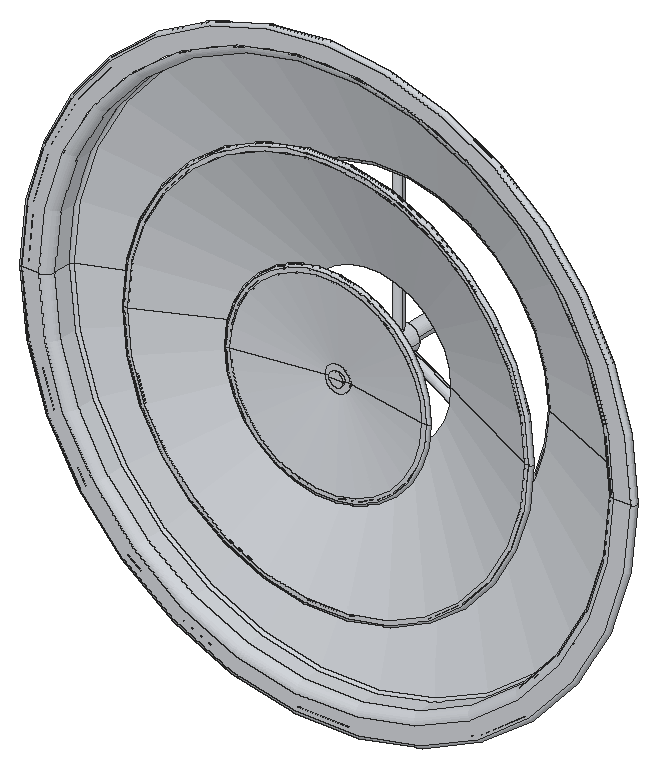
Revit family "04401_DRA", category Air Terminals, Revit 2012
Parameters (values of type "DRA")
  VisibleTexto = or(not(and(Diametro_Cuello > 5, Diametro_Cuello < 15)), not(or(Diametro_Cuello = 6, Diametro_Cuello = 8, Diametro_Cuello = 10, Diametro_Cuello = 12, Diametro_Cuello = 14)))  # no
  URL = "https://www.innes.com.mx"
  Type Comments = "Difusor Arquitectónico"
  Tipo de Cuello = "Redondo"
  Posición de Instalación = "Techo"
  Nota1 = if(Diametro_Cuello < 6, " Tamaño no disponible, mínimo 6 in", if(Diametro_Cuello > 14, " Tamaño no disponible, máximo 14 in ", if(not(or(Diametro_Cuello = 6, Diametro_Cuello = 8, Diametro_Cuello = 10, Diametro_Cuello = 12, Diametro_Cuello = 14)), "Tamaño no Válido. Sólo incrementos de 2 in", ".")))  # "."
  Model = "DRA"
  Material del Difusor = "Aluminio"
  Manufacturer = "INNES"
  Keynote = ""
  Incrementos de Cuello = "de 2\""
  Diametro_Cuello = 12
  Description = "Difusor Redondo"
  Función = "Inyección"
  CuelloReal = if(or(Diametro_Cuello < 6, Diametro_Cuello = 6), 5.8750", if(or(and(Diametro_Cuello > 6, Diametro_Cuello < 8), Diametro_Cuello = 8), 7.8750", if(or(and(Diametro_Cuello > 8, Diametro_Cuello < 10), Diametro_Cuello = 10), 9.8750", if(or(and(Diametro_Cuello > 10, Diametro_Cuello < 12), Diametro_Cuello = 12), 11.8750", if(or(and(Diametro_Cuello > 12, Diametro_Cuello < 14), Diametro_Cuello = 14), 13.8750", 5.8750")))))  # 11.8750"
  Cuello Mín-Máx. = "6\" a 14\""
  Conect = CuelloReal / 2  # 5.9375"
Reference planes (in)
  plane 1 "Center (Front/Back)": y = 1.25
  plane 2: z = 0
  plane 3 "Center (Left/Right)": x = 0
Nested families (in)
  nested 1: "Texto" at (10.37505, -63.42567, 0), type "texto"
    with Visible_Texto no
  nested 2: "DRA" at (3.32611, -2.07611, 0), type "DRA"
    with var 1.7500", Modelo 12, Eje 5.9015", CAberturaPlafon 21.1250", BPlato 23.2500", AlturaD 5.2500", ACuello 11.8750"
Connectors (in)
  hvac at (0, 6.5, 0), driven by "Conect"
    settings: on nested 2, index 1, duct flow 0.0 L/s, flow factor 0, pres drop 0.0 Pa, loss coef 0, conn angle 0.00°, conn width 304.8 mm, conn height 304.8 mm, conn radius 150.813 mm, duct sys type 1, conn prof type 0, flow config 0, flow direction 0, loss method 0, conn ref index -1, conn util no, is conn primary yes, conn desc ""
Definition of nested family "DRA"
  Parameters (values of type "Modelo 14")
    var = if(Modelo = 6, 0.5000", if(or(Modelo = 8, Modelo = 10), 1.0000", if(Modelo = 12, 1.7500", if(Modelo = 14, 2.0000", 4.0000"))))  # 2.0000"
    Modelo = 14
    GL = 0.0370" + ((ACuello - ACuello) + (AlturaD - AlturaD))  # 0.0370"
    Eje = (ACuello / 2) - 0.0360"  # 6.9015"
    CAberturaPlafon = (BPlato - 2.1250") + (ACuello - ACuello)  # 23.8750"
    BPlato = if(Modelo = 6, 13.0000", if(Modelo = 8, 16.7500", if(Modelo = 10, 19.2500", if(Modelo = 12, 23.2500", if(Modelo = 14, 26.0000", 13.0000")))))  # 26.0000"
    AlturaD = if(Modelo = 6, 4.0000", if(or(Modelo = 8, Modelo = 10), 4.5000", if(Modelo = 12, 5.2500", if(Modelo = 14, 5.5000", 4.0000"))))  # 5.5000"
    ACuello = if(Modelo = 6, 5.8750", if(Modelo = 8, 7.8750", if(Modelo = 10, 9.8750", if(Modelo = 12, 11.8750", if(Modelo = 14, 13.8750", 5.8750")))))  # 13.8750"
  Types (6): name | var | Modelo | Eje | CAberturaPlafon | BPlato | AlturaD | ACuello
    (no name) | 2.0000" | 14 | 6.9015" | 23.8750" | 26.0000" | 5.5000" | 13.8750"
    Modelo 12 | 1.7500" | 12 | 5.9015" | 21.1250" | 23.2500" | 5.2500" | 11.8750"
    Modelo 10 | 1.0000" | 10 | 4.9015" | 17.1250" | 19.2500" | 4.5000" | 9.8750"
    Modelo 08 | 1.0000" | 8 | 3.9015" | 14.6250" | 16.7500" | 4.5000" | 7.8750"
    Modelo 06 | 0.5000" | 6 | 2.9015" | 10.8750" | 13.0000" | 4.0000" | 5.8750"
    Modelo 14 | 2.0000" | 14 | 6.9015" | 23.8750" | 26.0000" | 5.5000" | 13.8750"
  Reference planes (in)
    plane 1 "Center (Front/Back)": x = -3.32611
    plane 2: z = 0
    plane 3 "Center (Left/Right)": y = 3.32611
    plane 4: x = -15.26361
    plane 5: x = 8.61139
    plane 6: x = -16.32611
    plane 7: x = 9.67389
    plane 8: x = -6.79486
    plane 9: x = -11.99278
    plane 10: x = -11.74278
    plane 11: x = -7.40944
    plane 12: x = -10.26361
    plane 13: x = 3.61139
    plane 14: x = -7.65944
    plane 15: y = 5.55874
    plane 16: y = 3.89622
    plane 17: y = 4.32884
    plane 18: y = 6.55874
    plane 19: y = 7.05627
    plane 20: y = 6.41544
    plane 21: y = 8.82611
  Forms (in)
    Revolve 1, solid
      sketch origin (-3.32611, 3.32611, 0) x (0, 1, 0) y (-1, 0, 0)
        loop
          line (5.73016, 0) -> (5.73016, 0.31) -> (3.73016, 0.31) -> (3.73016, 0.54013) -> (3.08934, 0.54013) -> (3.08934, 0.31) -> (2.33934, 0.31) -> (2.33934, 0.60435) -> (2.22905, 0.60435) -> (2.22905, 0.49962) -> (0.57011, 0.49962) -> (0.037, 4.08654) -> (0.037, 4.25474)
          arc (0.037, 4.25474) -> (0.11971, 4.28555) -> (0.07731, 4.20814) r 0.04709
          line (0.07731, 4.20814) -> (0.07731, 4.1663)
          arc (0.07731, 4.1663) -> (0.14498, 4.30655) -> (0, 4.2497) r 0.08364
          line (0, 4.2497) -> (0, 4.08333) -> (0.53351, 0.49362) -> (0.53351, 0.26969) -> (0.46964, 0.26969) -> (0.46964, 0) -> (5.73016, 0)
        loop
          line (0, 8.41667) -> (2.1923, 3.46875) -> (2.23263, 3.46875) -> (0.03516, 8.42902) -> (0.03516, 8.579)
          arc (0.03516, 8.579) -> (0.13418, 8.61178) -> (0.07429, 8.52639) r 0.05494
          line (0.07429, 8.52639) -> (0.07429, 8.48629)
          arc (0.07429, 8.48629) -> (0.16093, 8.63383) -> (0, 8.57571) r 0.09096
          line (0, 8.57571) -> (0, 8.41667)
        loop
          line (5.5, 6.9375) -> (3.23901, 6.9375)
          arc (3.23901, 6.9375) -> (3.07814, 6.98578) -> (2.97045, 7.11467) r 0.29213
          line (2.97045, 7.11467) -> (1.16116, 11.83299)
          arc (1.16116, 11.83299) -> (1.09763, 11.90902) -> (1.00273, 11.9375) r 0.17233
          line (1.00273, 11.9375) -> (0.35241, 11.9375)
          arc (0.35241, 11.9375) -> (0.12938, 12.02988) -> (0.037, 12.25291) r 0.31541
          line (0.037, 12.25291) -> (0.037, 12.87623)
          arc (0.037, 12.87623) -> (0.17396, 12.93731) -> (0.12791, 12.7946) r 0.0821
          line (0.12791, 12.7946) -> (0.12791, 12.75647)
          arc (0.12791, 12.75647) -> (0.20528, 12.96606) -> (0, 12.87788) r 0.12158
          line (0, 12.87788) -> (0, 12.25201)
          arc (0, 12.25201) -> (0.10295, 12.00345) -> (0.35151, 11.9005) r 0.35151
          line (0.35151, 11.9005) -> (0.99636, 11.9005)
          arc (0.99636, 11.9005) -> (1.07088, 11.87813) -> (1.12077, 11.81843) r 0.13533
          line (1.12077, 11.81843) -> (2.93006, 7.1001)
          arc (2.93006, 7.1001) -> (3.05139, 6.9549) -> (3.23263, 6.9005) r 0.32913
          line (3.23263, 6.9005) -> (5.5, 6.9005) -> (5.5, 6.9375)
        axis (0, 0) -> (5.73016, 0)
      angle from 0 to 360
    Extrusion 2, solid
      sketch origin (0, 0, 0) x (1, 0, 0) y (0, 1, 0)
        loop
          circle (-3.32611, 6.73586) r 0.17813
      from 0 to 6.9015 <- "Eje"
    Extrusion 3, solid
      sketch origin (-4.98382, 0, -2.89202) x (-0.5, 0, -0.866025) y (0, 1, 0)
        loop
          circle (-3.32611, 6.73586) r 0.17813
      from -0.00667 to 6.9015 <- "Eje"
    Extrusion 4, solid
      sketch origin (-4.99494, 0, 2.87716) x (-0.5, 0, 0.866025) y (0, 1, 0)
        loop
          circle (-3.32611, 6.73586) r 0.17813
      from -0.00667 to 6.9015 <- "Eje"
  Dimensions and locks (in)
    "GL": Revolve 1 sketch curve to Revolve 1 sketch curve
    "CAberturaPlafon": plane 4 to plane 5
    equal spacing: plane 4, plane 1 "Center (Front/Back)", plane 5
    equal spacing: plane 7, plane 1 "Center (Front/Back)", plane 6
    "BPlato": plane 7 to plane 6
    plane 8 to plane 1 "Center (Front/Back)" = 3.46875"
    locked: plane 9 to plane 10 at 0.25
    equal spacing: plane 12, plane 1 "Center (Front/Back)", plane 13
    "ACuello": plane 12 to plane 13
    locked: plane 14 to plane 11 at 0.25
    equal spacing: plane 1 "Center (Front/Back)", plane 14, plane 9, plane 6
    equal spacing: plane 12, plane 8, plane 1 "Center (Front/Back)"
    locked: plane 16 to plane 17 at 0.43263
    locked: plane 15 to plane 18 at 1
    locked: plane 3 "Center (Left/Right)" to plane 16 at 0.57011
    locked: plane 20 to plane 19 at 0.64083
    "AlturaD": plane 21 to plane 3 "Center (Left/Right)"
    "var": Revolve 1 sketch curve to Revolve 1 sketch curve
    aligned and locked: Revolve 1 sketch curve to plane 3 "Center (Left/Right)"  (x2)
    aligned and locked: plane 3 "Center (Left/Right)" to Revolve 1 sketch curve
    aligned and locked: plane 4 to Revolve 1 sketch curve
    aligned and locked: plane 8 to Revolve 1 sketch curve
    aligned and locked: plane 11 to Revolve 1 sketch curve
    aligned and locked: plane 10 to Revolve 1 sketch curve
    aligned and locked: plane 12 to Revolve 1 sketch curve
    aligned and locked: plane 16 to Revolve 1 sketch curve
    aligned and locked: plane 17 to Revolve 1 sketch curve
    aligned and locked: plane 18 to Revolve 1 sketch curve
    aligned and locked: Revolve 1 sketch curve to plane 19
    aligned and locked: plane 20 to Revolve 1 sketch curve
    aligned and locked: Revolve 1 sketch curve to plane 21
  Automatic sketch dimensions
    Extrusion 2 sketch curve to plane 1 "Center (Front/Back)" = 0.0000"
    plane 19 to Extrusion 2 sketch curve = 0.32041"
    plane 19 to Extrusion 3 sketch curve = 0.32041"
    plane 19 to Extrusion 4 sketch curve = 0.32041"
    Revolve 1 sketch curve to plane 1 "Center (Front/Back)" = 0.0000"  (x2)
    Revolve 1 sketch curve to plane 3 "Center (Left/Right)" = 0.0000"  (x3)
    plane 15 to Revolve 1 sketch curve = 0.0000"
    plane 3 "Center (Left/Right)" to Revolve 1 sketch curve = 0.03516"
    plane 3 "Center (Left/Right)" to Revolve 1 sketch curve = 0.0370"  (x2)
    Revolve 1 sketch curve to Revolve 1 sketch curve = 0.03913"
    plane 3 "Center (Left/Right)" to Revolve 1 sketch curve = 0.07731"
    Revolve 1 sketch curve to Revolve 1 sketch curve = 0.00633"
    Revolve 1 sketch curve to Revolve 1 sketch curve = 0.00046"
    Revolve 1 sketch curve to Revolve 1 sketch curve = 0.05494"
    Revolve 1 sketch curve to Revolve 1 sketch curve = 0.00086"
    Revolve 1 sketch curve to Revolve 1 sketch curve = 0.0821"
    Revolve 1 sketch curve to Revolve 1 sketch curve = 0.00248"
    Revolve 1 sketch curve to Revolve 1 sketch curve = 0.00881"
    plane 16 to Revolve 1 sketch curve = 0.2186"
    Revolve 1 sketch curve to Revolve 1 sketch curve = 0.0009"
    plane 16 to Revolve 1 sketch curve = 0.10047"
    plane 16 to Revolve 1 sketch curve = 0.0366"
    Revolve 1 sketch curve to plane 17 = 0.00637"
    plane 17 to Revolve 1 sketch curve = 0.11804"
    Revolve 1 sketch curve to Revolve 1 sketch curve = 0.04039"  (x2)
    Revolve 1 sketch curve to Revolve 1 sketch curve = 0.04034"
    plane 15 to Revolve 1 sketch curve = 0.00358"
    Revolve 1 sketch curve to plane 15 = 0.1067"
    plane 20 to Revolve 1 sketch curve = 0.15927"
    plane 18 to Revolve 1 sketch curve = 0.00637"
    Revolve 1 sketch curve to Revolve 1 sketch curve = 0.10984"
    Revolve 1 sketch curve to plane 1 "Center (Front/Back)" = 0.26969"
    Revolve 1 sketch curve to plane 1 "Center (Front/Back)" = 0.3100"
    Revolve 1 sketch curve to Revolve 1 sketch curve = 0.3100"
    Revolve 1 sketch curve to Revolve 1 sketch curve = 0.22393"
    Revolve 1 sketch curve to Revolve 1 sketch curve = 0.18962"
    Revolve 1 sketch curve to Revolve 1 sketch curve = 0.23013"
    Revolve 1 sketch curve to Revolve 1 sketch curve = 0.10473"
    Revolve 1 sketch curve to plane 11 = 0.0032"
    Revolve 1 sketch curve to plane 11 = 0.08296"
    Revolve 1 sketch curve to Revolve 1 sketch curve = 0.04184"
    plane 12 to Revolve 1 sketch curve = 0.1626"
    Revolve 1 sketch curve to Revolve 1 sketch curve = 0.01456"  (x2)
    Revolve 1 sketch curve to plane 10 = 0.01236"
    Revolve 1 sketch curve to Revolve 1 sketch curve = 0.05726"
    Revolve 1 sketch curve to Revolve 1 sketch curve = 0.0401"
    Revolve 1 sketch curve to plane 4 = 0.17233"
    Revolve 1 sketch curve to Revolve 1 sketch curve = 0.0000"
    plane 6 to Revolve 1 sketch curve = 0.24353"
    Revolve 1 sketch curve to Revolve 1 sketch curve = 0.03813"
    radius of Extrusion 2 sketch curve = 0.17813"
    radius of Extrusion 3 sketch curve = 0.17813"
    radius of Extrusion 4 sketch curve = 0.17813"
Definition of nested family "Texto"
  Parameters (values of type "texto")
    texto = "Caudal no Válido"
    Visible_Texto = yes
    Color = rojo
  Reference planes (in)
    plane 1 "Center (Front/Back)": y = 0
    plane 2: z = 0
    plane 3 "Center (Left/Right)": x = 0
